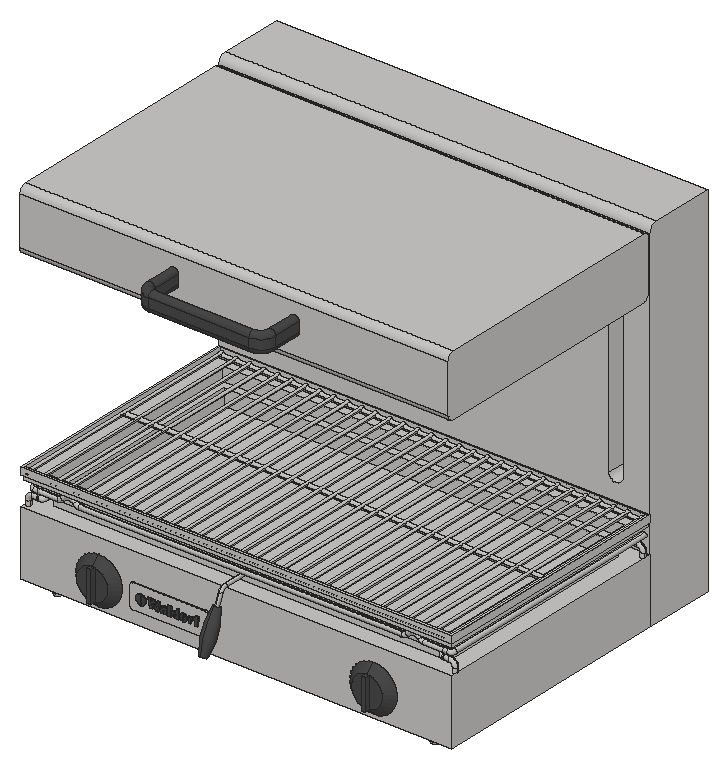
Revit family "QF_MOFFAT WALDORF_SN8100E", category Specialty Equipment, Revit 2012
Parameters
  Width = 600 mm
  Weight in Pounds = 53
  Watts = 3600 W
  Volts = 240 V
  URL Cutsheet = "www.moffat.com"
  URL = "www.moffat.com"
  Type Mark [instance] = ""
  Status [instance] = ""
  Specification by User [instance] = ""
  Specification by Manufacturer = ""
  Show Logo [instance] = yes
  Show Clearance [instance] = yes
  Serial Number = ""
  Seismic Rating = ""
  SMACNA No = ""
  Revision Code [instance] = ""
  Phase = 1
  Omniclass Number and Title = ""
  Number of Poles = 1
  NAFEM Spec ID Number = ""
  Model = "SN8100E"
  Min Ckt Ampacity = 0 A
  Max Overcurrent Protection = 0 A
  Masterspec = ""
  Manufacturer = "MOFFAT WALDORF"
  Item Number [instance] = ""
  Installed By [instance] = ""
  Identify Quantity as Lot [instance] = yes
  Height = 514 mm
  HP = ""
  Furnished By [instance] = ""
  Foodservice Equipment Identifier [instance] = yes
  FL Amps = 15 A
  Electrical Remarks = ""
  Electric Connection Type = ""
  Elec Conn RI Height = 0 mm
  Elec Conn Connection Height = 0 mm
  Description = "ELECTRIC SALAMANDER"
  Depth = 510 mm
  Cycle = 50 Hz
  Conn Plug = ""
  Conn Conduit = yes
  CSI MasterFormat = ""
  CSI Master Format = ""
  Body Finish = QF_Finishes_Stainless Steel
  Apparent Power = 0 VA
Reference planes
  plane 1 "BACK": y = 0
  plane 2: z = 0
  plane 3 "LEFT": x = 0
  plane 4 "RIGHT": x = 600
  plane 5 "FRONT": y = -510
  plane 6 "TOP": z = 514
  plane 7 "Center Y": x = 300
  plane 8 "Center X": y = -255
  plane 9: z = 424
  plane 10: z = 12.7
  plane 11: x = 390.463
  plane 12: x = 209.537
  plane 13: x = 37.476
  plane 14: y = -426.962
Forms (mm)
  Extrusion 1, solid, material "QF_Finishes_Stainless Steel"
    sketch origin (0, 0, 0) x (0, 1, 0) y (0, 0, 1)
      loop
        line (0, 514) -> (-88.234, 514)
        arc (-88.234, 514) -> (-96.527, 510.565) -> (-99.962, 502.272) r 11.728
        line (-99.962, 502.272) -> (-99.962, 12.7) -> (0, 12.7) -> (0, 514)
    from 0 to 600
  Extrusion 2, solid, material "QF_Finishes_Stainless Steel"
    sketch origin (0, 0, 0) x (0, 1, 0) y (0, 0, 1)
      loop
        line (-99.962, 12.7) -> (-99.962, 102.7) -> (-444.962, 102.7) -> (-444.962, 12.7) -> (-99.962, 12.7)
    from 0 to 600
  Extrusion 3, void
    sketch origin (0, -99.962, 502.272) x (0, 0, 1) y (1, 0, 0)
      loop
        line (-21.583, 57.235) -> (-316.876, 57.235)
        arc (-316.876, 57.235) -> (-326.876, 47.235) -> (-316.876, 37.235) r 10
        line (-316.876, 37.235) -> (-21.583, 37.235)
        arc (-21.583, 37.235) -> (-11.583, 47.235) -> (-21.583, 57.235) r 10
      loop
        arc (-21.583, 542.765) -> (-11.583, 552.765) -> (-21.583, 562.765) r 10
        line (-21.583, 562.765) -> (-316.876, 562.765)
        arc (-316.876, 562.765) -> (-326.876, 552.765) -> (-316.876, 542.765) r 10
        line (-316.876, 542.765) -> (-21.583, 542.765)
    from 0 to 50
  Extrusion 4, solid, material "QF_Finishes_Stainless Steel"
    sketch origin (600, 0, 0) x (0, 1, 0) y (0, 0, 1)
      loop
        line (-107.462, 505.178) -> (-438.806, 505.178)
        arc (-438.806, 505.178) -> (-445.877, 502.249) -> (-448.806, 495.178) r 10
        line (-448.806, 495.178) -> (-448.806, 427.852)
        arc (-448.806, 427.852) -> (-446.558, 422.426) -> (-441.132, 420.178) r 7.674
        line (-441.132, 420.178) -> (-109.153, 420.178)
        arc (-109.153, 420.178) -> (-104.422, 422.138) -> (-102.462, 426.869) r 6.691
        line (-102.462, 426.869) -> (-102.462, 500.178)
        arc (-102.462, 500.178) -> (-103.927, 503.714) -> (-107.462, 505.178) r 5
    from -2 to -598
  Sweep 5, solid, material "QF_Finishes_Black"
    path origin (600, -443.806, 414.366) x (1, 0, 0) y (0, 1, 0)
      loop
        line (-390.463, -4.983) -> (-390.463, -45.794)
        arc (-390.463, -45.794) -> (-384.488, -60.219) -> (-370.063, -66.194) r 20.4
        line (-370.063, -66.194) -> (-229.932, -66.194)
        arc (-229.932, -66.194) -> (-215.51, -60.221) -> (-209.537, -45.799) r 20.395
        line (-209.537, -45.799) -> (-209.537, -4.983)
    profile origin (209.537, -469.194, 414.366) x (1, 0, 0) y (0, 0, 1)
      loop
        arc (0, 44.74) -> (6.406, 38.334) -> (12.812, 44.74) r 6.406
        line (12.812, 44.74) -> (12.812, 58.081)
        arc (12.812, 58.081) -> (6.406, 64.487) -> (0, 58.081) r 6.406
        line (0, 58.081) -> (0, 44.74)
  Extrusion 6, solid, material "QF_Finishes_Stainless Steel"
    sketch origin (0, -444.962, 102.7) x (0, 1, 0) y (-1, 0, 0)
      loop
        line (345, 0) -> (0, 0) -> (0, -600) -> (345, -600) -> (345, 0)
      loop
        line (3, -3) -> (3, -597) -> (342, -597) -> (342, -3) -> (3, -3)
    from 50 to 40
  Extrusion 7, solid, material "QF_Finishes_Stainless Steel"
    sketch origin (0, -102.962, 102.7) x (1, 0, 0) y (0, 0, 1)
      loop
        circle (592.087, 44.923) r 2
    from 0 to 339
  Extrusion 8, solid, material "QF_Finishes_Stainless Steel"
    sketch origin (-585, -102.962, 102.7) x (1, 0, 0) y (0, 0, 1)
      loop
        circle (592.087, 44.923) r 2
    from 0 to 339
  Extrusion 9, solid, material "QF_Finishes_Stainless Steel"
    sketch origin (-19.5, -102.962, 102.7) x (1, 0, 0) y (0, 0, 1)
      loop
        circle (592.087, 44.923) r 2
    from 0 to 339
  Extrusion 10, solid, material "QF_Finishes_Stainless Steel"
    sketch origin (-39, -102.962, 102.7) x (1, 0, 0) y (0, 0, 1)
      loop
        circle (592.087, 44.923) r 2
    from 0 to 339
  Extrusion 11, solid, material "QF_Finishes_Stainless Steel"
    sketch origin (-58.5, -102.962, 102.7) x (1, 0, 0) y (0, 0, 1)
      loop
        circle (592.087, 44.923) r 2
    from 0 to 339
  Extrusion 12, solid, material "QF_Finishes_Stainless Steel"
    sketch origin (-78, -102.962, 102.7) x (1, 0, 0) y (0, 0, 1)
      loop
        circle (592.087, 44.923) r 2
    from 0 to 339
  Extrusion 13, solid, material "QF_Finishes_Stainless Steel"
    sketch origin (-97.5, -102.962, 102.7) x (1, 0, 0) y (0, 0, 1)
      loop
        circle (592.087, 44.923) r 2
    from 0 to 339
  Extrusion 14, solid, material "QF_Finishes_Stainless Steel"
    sketch origin (-117, -102.962, 102.7) x (1, 0, 0) y (0, 0, 1)
      loop
        circle (592.087, 44.923) r 2
    from 0 to 339
  Extrusion 15, solid, material "QF_Finishes_Stainless Steel"
    sketch origin (-136.5, -102.962, 102.7) x (1, 0, 0) y (0, 0, 1)
      loop
        circle (592.087, 44.923) r 2
    from 0 to 339
  Extrusion 16, solid, material "QF_Finishes_Stainless Steel"
    sketch origin (-156, -102.962, 102.7) x (1, 0, 0) y (0, 0, 1)
      loop
        circle (592.087, 44.923) r 2
    from 0 to 339
  Extrusion 17, solid, material "QF_Finishes_Stainless Steel"
    sketch origin (-175.5, -102.962, 102.7) x (1, 0, 0) y (0, 0, 1)
      loop
        circle (592.087, 44.923) r 2
    from 0 to 339
  Extrusion 18, solid, material "QF_Finishes_Stainless Steel"
    sketch origin (-195, -102.962, 102.7) x (1, 0, 0) y (0, 0, 1)
      loop
        circle (592.087, 44.923) r 2
    from 0 to 339
  Extrusion 19, solid, material "QF_Finishes_Stainless Steel"
    sketch origin (-214.5, -102.962, 102.7) x (1, 0, 0) y (0, 0, 1)
      loop
        circle (592.087, 44.923) r 2
    from 0 to 339
  Extrusion 20, solid, material "QF_Finishes_Stainless Steel"
    sketch origin (-234, -102.962, 102.7) x (1, 0, 0) y (0, 0, 1)
      loop
        circle (592.087, 44.923) r 2
    from 0 to 339
  Extrusion 21, solid, material "QF_Finishes_Stainless Steel"
    sketch origin (-253.5, -102.962, 102.7) x (1, 0, 0) y (0, 0, 1)
      loop
        circle (592.087, 44.923) r 2
    from 0 to 339
  Extrusion 22, solid, material "QF_Finishes_Stainless Steel"
    sketch origin (-273, -102.962, 102.7) x (1, 0, 0) y (0, 0, 1)
      loop
        circle (592.087, 44.923) r 2
    from 0 to 339
  Extrusion 23, solid, material "QF_Finishes_Stainless Steel"
    sketch origin (-292.5, -102.962, 102.7) x (1, 0, 0) y (0, 0, 1)
      loop
        circle (592.087, 44.923) r 2
    from 0 to 339
  Extrusion 24, solid, material "QF_Finishes_Stainless Steel"
    sketch origin (-312, -102.962, 102.7) x (1, 0, 0) y (0, 0, 1)
      loop
        circle (592.087, 44.923) r 2
    from 0 to 339
  Extrusion 25, solid, material "QF_Finishes_Stainless Steel"
    sketch origin (-331.5, -102.962, 102.7) x (1, 0, 0) y (0, 0, 1)
      loop
        circle (592.087, 44.923) r 2
    from 0 to 339
  Extrusion 26, solid, material "QF_Finishes_Stainless Steel"
    sketch origin (-351, -102.962, 102.7) x (1, 0, 0) y (0, 0, 1)
      loop
        circle (592.087, 44.923) r 2
    from 0 to 339
  Extrusion 27, solid, material "QF_Finishes_Stainless Steel"
    sketch origin (-370.5, -102.962, 102.7) x (1, 0, 0) y (0, 0, 1)
      loop
        circle (592.087, 44.923) r 2
    from 0 to 339
  Extrusion 28, solid, material "QF_Finishes_Stainless Steel"
    sketch origin (-390, -102.962, 102.7) x (1, 0, 0) y (0, 0, 1)
      loop
        circle (592.087, 44.923) r 2
    from 0 to 339
  Extrusion 29, solid, material "QF_Finishes_Stainless Steel"
    sketch origin (-409.5, -102.962, 102.7) x (1, 0, 0) y (0, 0, 1)
      loop
        circle (592.087, 44.923) r 2
    from 0 to 339
  Extrusion 30, solid, material "QF_Finishes_Stainless Steel"
    sketch origin (-429, -102.962, 102.7) x (1, 0, 0) y (0, 0, 1)
      loop
        circle (592.087, 44.923) r 2
    from 0 to 339
  Extrusion 31, solid, material "QF_Finishes_Stainless Steel"
    sketch origin (-448.5, -102.962, 102.7) x (1, 0, 0) y (0, 0, 1)
      loop
        circle (592.087, 44.923) r 2
    from 0 to 339
  Extrusion 32, solid, material "QF_Finishes_Stainless Steel"
    sketch origin (-468, -102.962, 102.7) x (1, 0, 0) y (0, 0, 1)
      loop
        circle (592.087, 44.923) r 2
    from 0 to 339
  Extrusion 33, solid, material "QF_Finishes_Stainless Steel"
    sketch origin (-487.5, -102.962, 102.7) x (1, 0, 0) y (0, 0, 1)
      loop
        circle (592.087, 44.923) r 2
    from 0 to 339
  Extrusion 34, solid, material "QF_Finishes_Stainless Steel"
    sketch origin (-507, -102.962, 102.7) x (1, 0, 0) y (0, 0, 1)
      loop
        circle (592.087, 44.923) r 2
    from 0 to 339
  Extrusion 35, solid, material "QF_Finishes_Stainless Steel"
    sketch origin (-526.5, -102.962, 102.7) x (1, 0, 0) y (0, 0, 1)
      loop
        circle (592.087, 44.923) r 2
    from 0 to 339
  Extrusion 36, solid, material "QF_Finishes_Stainless Steel"
    sketch origin (-546, -102.962, 102.7) x (1, 0, 0) y (0, 0, 1)
      loop
        circle (592.087, 44.923) r 2
    from 0 to 339
  Extrusion 37, solid, material "QF_Finishes_Stainless Steel"
    sketch origin (-565.5, -102.962, 102.7) x (1, 0, 0) y (0, 0, 1)
      loop
        circle (592.087, 44.923) r 2
    from 0 to 339
  Extrusion 38, solid, material "QF_Finishes_Stainless Steel"
    sketch origin (3, -102.281, 102.7) x (0, 1, 0) y (0, 0, 1)
      loop
        circle (-336.674, 42.923) r 3
      loop
        circle (-170.182, 42.923) r 3
      loop
        circle (-3.682, 42.923) r 3
    from 0 to 594
  Sweep 39, solid, material "QF_Finishes_Stainless Steel"
    path origin (0, -444.962, 142.7) x (0, 1, 0) y (-1, 0, 0)
      loop
        line (330, -15) -> (13.008, -15) -> (13.008, -587) -> (330, -587) -> (330, -15)
    profile origin (301, -114.962, 142.7) x (0, 1, 0) y (0, 0, 1)
      loop
        line (0, -5) -> (12, -5) -> (12, 0) -> (-5, 0) -> (-5, -18.089) -> (-16.511, -18.089) -> (-16.511, -40) -> (-11.511, -40) -> (-11.511, -23.089) -> (0, -23.089) -> (0, -5)
  Sweep 40, solid, material "QF_Finishes_Stainless Steel"
    path origin (587, -431.954, 137.7) x (-1, 0, 0) y (0, 0, -1)
      loop
        line (569, 13.089) -> (541.437, 13.089)
        arc (541.437, 13.089) -> (537.989, 12.275) -> (535.272, 10.003) r 7.7
        arc (535.272, 10.003) -> (526.866, 5.793) -> (518.459, 9.999) r 10.501
        arc (518.459, 9.999) -> (515.736, 12.274) -> (512.283, 13.089) r 7.716
        line (512.283, 13.089) -> (61.717, 13.089)
        arc (61.717, 13.089) -> (58.264, 12.274) -> (55.541, 9.999) r 7.716
        arc (55.541, 9.999) -> (47.134, 5.793) -> (38.728, 10.003) r 10.501
        arc (38.728, 10.003) -> (36.011, 12.275) -> (32.563, 13.089) r 7.7
        line (32.563, 13.089) -> (5, 13.089)
    profile origin (300, -431.954, 124.611) x (0, 0, 1) y (0, -1, 0)
      loop
        circle (0, 3.036) r 3.036
  Sweep 41, solid, material "QF_Finishes_Stainless Steel"
    path origin (15, -114.962, 119.611) x (0, -1, 0) y (1, 0, 0)
      loop
        line (320.028, 567) -> (320.028, 572.972)
        arc (320.028, 572.972) -> (318.848, 575.82) -> (316, 577) r 4.028
        line (316, 577) -> (-15, 577)
    profile origin (584.986, -434.991, 119.611) x (0, 1, 0) y (0, 0, 1)
      loop
        circle (0, 5) r 3.036
  Sweep 42, solid, material "QF_Finishes_Stainless Steel"
    path origin (585, -114.962, 119.611) x (0, 1, 0) y (-1, 0, 0)
      loop
        line (-320.028, 567) -> (-320.028, 572.972)
        arc (-320.028, 572.972) -> (-318.848, 575.82) -> (-316, 577) r 4.028
        line (-316, 577) -> (15, 577)
    profile origin (15.014, -434.991, 119.611) x (0, -1, 0) y (0, 0, 1)
      loop
        circle (0, 5) r 3.036
  Sweep 43, solid, material "QF_Finishes_Stainless Steel"
    path origin (569.239, -420.444, 119.611) x (-1, 0, 0) y (0, 0, -1)
      loop
        line (551.913, 3.413) -> (559.47, 3.413)
        arc (559.47, 3.413) -> (564.102, 5.332) -> (566.021, 9.964) r 6.551
        line (566.021, 9.964) -> (566.021, 16.911)
    profile origin (13.547, -420.444, 116.198) x (0, 0, -1) y (0, -1, 0)
      loop
        circle (0, 14.832) r 3.066
  Sweep 44, solid, material "QF_Finishes_Stainless Steel"
    path origin (-549.634, -114.962, 111.175) x (0, -1, 0) y (1, 0, 0)
      loop
        line (320.028, 567) -> (320.028, 568.909)
        arc (320.028, 568.909) -> (318.848, 571.758) -> (316, 572.938) r 4.028
        line (316, 572.938) -> (-2.148, 572.937)
        arc (-2.148, 572.937) -> (-4.996, 571.758) -> (-6.176, 568.909) r 4.028
        line (-6.176, 568.909) -> (-6.176, 567)
    profile origin (18.321, -434.991, 111.175) x (0, 1, 0) y (0, 0, 1)
      loop
        circle (-0.312, 5) r 3.036
  Sweep 45, solid, material "QF_Finishes_Stainless Steel"
    path origin (569.239, -93.599, 119.611) x (-1, 0, 0) y (0, 0, -1)
      loop
        line (551.913, 3.413) -> (559.47, 3.413)
        arc (559.47, 3.413) -> (564.102, 5.332) -> (566.021, 9.964) r 6.551
        line (566.021, 9.964) -> (566.021, 16.911)
    profile origin (13.547, -93.599, 116.198) x (0, 0, -1) y (0, -1, 0)
      loop
        circle (0, 14.832) r 3.066
  Sweep 46, solid, material "QF_Finishes_Stainless Steel"
    path origin (30.761, -420.444, 119.611) x (1, 0, 0) y (0, 0, 1)
      loop
        line (551.913, -3.413) -> (559.47, -3.413)
        arc (559.47, -3.413) -> (564.102, -5.332) -> (566.021, -9.964) r 6.551
        line (566.021, -9.964) -> (566.021, -16.911)
    profile origin (586.453, -420.444, 116.198) x (0, 0, 1) y (0, -1, 0)
      loop
        circle (0, 14.832) r 3.066
  Sweep 47, solid, material "QF_Finishes_Stainless Steel"
    path origin (1149.634, -114.962, 111.175) x (0, 1, 0) y (-1, 0, 0)
      loop
        line (-320.028, 567) -> (-320.028, 568.909)
        arc (-320.028, 568.909) -> (-318.848, 571.758) -> (-316, 572.937) r 4.028
        line (-316, 572.937) -> (2.148, 572.937)
        arc (2.148, 572.937) -> (4.996, 571.758) -> (6.176, 568.909) r 4.028
        line (6.176, 568.909) -> (6.176, 567)
    profile origin (581.679, -434.991, 111.175) x (0, -1, 0) y (0, 0, 1)
      loop
        circle (0.312, 5) r 3.036
  Sweep 48, solid, material "QF_Finishes_Stainless Steel"
    path origin (30.761, -93.599, 119.611) x (1, 0, 0) y (0, 0, 1)
      loop
        line (551.913, -3.413) -> (559.47, -3.413)
        arc (559.47, -3.413) -> (564.102, -5.332) -> (566.021, -9.964) r 6.551
        line (566.021, -9.964) -> (566.021, -16.911)
    profile origin (586.453, -93.599, 116.198) x (0, 0, 1) y (0, -1, 0)
      loop
        circle (0, 14.832) r 3.066
  Revolve 49, solid, material "QF_Finishes_Black"
    sketch origin (108.75, 0, 0) x (0, 1, 0) y (0, 0, -1)
      loop
        line (-444.962, -49.575) -> (-444.962, -16.945) -> (-455.9, -27.883) -> (-455.9, -49.575) -> (-444.962, -49.575)
      axis (-455.9, -49.575) -> (-444.962, -49.575)
    angle from 0 to 360
  Extrusion 50, solid, material "QF_Finishes_Black"
    sketch origin (108.75, -455.9, 49.575) x (0, 0, -1) y (1, 0, 0)
      loop
        line (-21.547, -2.506) -> (21.547, -2.506)
        arc (21.547, -2.506) -> (21.691, 0.225) -> (21.49, 2.953) r 21.692
        line (21.49, 2.953) -> (-21.49, 2.953)
        arc (-21.49, 2.953) -> (-21.691, 0.225) -> (-21.547, -2.506) r 21.692
      loop
        arc (-21.547, 385.006) -> (-21.691, 382.275) -> (-21.49, 379.547) r 21.692
        line (-21.49, 379.547) -> (21.49, 379.547)
        arc (21.49, 379.547) -> (21.691, 382.275) -> (21.547, 385.006) r 21.692
        line (21.547, 385.006) -> (-21.547, 385.006)
    from 0 to 6
  Sweep 51, solid, material "QF_Finishes_Stainless Steel"
    path origin (0, -11.577, -2.281) x (0, 1, 0) y (0, 0, 1)
      loop
        line (-395, 119.611) -> (-452.663, 119.611)
        arc (-452.663, 119.611) -> (-456.519, 118.468) -> (-459.131, 115.41) r 7.08
        line (-459.131, 115.41) -> (-476.355, 76.725)
    profile origin (0, -435.408, 117.33) x (0, 0, -1) y (1, 0, 0)
      loop
        circle (-1.613, 300) r 2.281
  Revolve 52, solid, material "QF_Finishes_Stainless Steel"
    sketch origin (300, -11.577, 0) x (0, 1, 0) y (0, 0, 1)
      loop
        line (-490.635, 46.336) -> (-467.256, 98.845) -> (-471.824, 100.879)
        arc (-471.824, 100.879) -> (-487.428, 76.367) -> (-495.202, 48.37) r 98.506
        line (-495.202, 48.37) -> (-490.635, 46.336)
      axis (-467.256, 98.845) -> (-490.635, 46.336)
    angle from 0 to 360
  Revolve 53, solid, material "QF_Finishes_Black"
    sketch origin (490.974, 0, 0) x (0, 1, 0) y (0, 0, 1)
      loop
        line (-444.962, 49.575) -> (-455.9, 49.575) -> (-455.9, 27.883) -> (-444.962, 16.945) -> (-444.962, 49.575)
      axis (-455.9, 49.575) -> (-444.962, 49.575)
    angle from 0 to 360
  Revolve 54, solid, material "QF_Finishes_Stainless Steel"
    sketch origin (37.476, 0, 0) x (0, 1, 0) y (0, 0, 1)
      loop
        line (-426.962, 12.7) -> (-426.962, 0) -> (-421.962, 0) -> (-417.087, 12.7) -> (-426.962, 12.7)
      axis (-426.962, 12.7) -> (-426.962, 0)
    angle from 0 to 360
  Revolve 55, solid, material "QF_Finishes_Stainless Steel"
    sketch origin (37.476, 310, 0) x (0, 1, 0) y (0, 0, 1)
      loop
        line (-426.962, 12.7) -> (-426.962, 0) -> (-421.962, 0) -> (-417.087, 12.7) -> (-426.962, 12.7)
      axis (-426.962, 12.7) -> (-426.962, 0)
    angle from 0 to 360
  Revolve 56, solid, material "QF_Finishes_Stainless Steel"
    sketch origin (562.524, 0, 0) x (0, 1, 0) y (0, 0, -1)
      loop
        line (-426.962, -12.7) -> (-417.087, -12.7) -> (-421.962, 0) -> (-426.962, 0) -> (-426.962, -12.7)
      axis (-426.962, -12.7) -> (-426.962, 0)
    angle from 0 to 360
  Revolve 57, solid, material "QF_Finishes_Stainless Steel"
    sketch origin (562.524, 310, 0) x (0, 1, 0) y (0, 0, -1)
      loop
        line (-426.962, -12.7) -> (-417.087, -12.7) -> (-421.962, 0) -> (-426.962, 0) -> (-426.962, -12.7)
      axis (-426.962, -12.7) -> (-426.962, 0)
    angle from 0 to 360
  Extrusion 58, solid, material "QF_Finishes_Stainless Steel"
    sketch origin (0, -99.962, 12.7) x (1, 0, 0) y (0, -1, 0)
      loop
        circle (300, -89.962) r 10
    from 0 to 3
Cuts and joins
  Extrusion 3 cuts Extrusion 1
  joined: Extrusion 8, Extrusion 9, Extrusion 10, Extrusion 11, Extrusion 12, Extrusion 13, Extrusion 14, Extrusion 15, Extrusion 16, Extrusion 17, Extrusion 18, Extrusion 19, Extrusion 20, Extrusion 21, Extrusion 22, Extrusion 23, Extrusion 24, Extrusion 25, Extrusion 26, Extrusion 27, Extrusion 28, Extrusion 29, Extrusion 30, Extrusion 31, Extrusion 32, Extrusion 33, Extrusion 34, Extrusion 35, Extrusion 36, Extrusion 37, Extrusion 38
  joined: Sweep 40, Sweep 41, Sweep 42
Lines and regions (mm)
  Split face 1
    outline origin (598, 22.869, 0) x (0, 1, 0) y (0, 0, 1)
      loop
        line (-407.285, 462) -> (-407.285, 482) -> (-420.285, 482) -> (-420.285, 462) -> (-407.285, 462)
  Split face 2
    outline origin (2, 0, 0) x (0, 1, 0) y (0, 0, 1)
      loop
        line (-115.797, 462) -> (-102.797, 462) -> (-102.797, 482) -> (-115.797, 482) -> (-115.797, 462)
  Split face 3
    outline origin (2, 0, 0) x (0, 1, 0) y (0, 0, 1)
      loop
        line (-125.525, 462) -> (-125.525, 482) -> (-138.525, 482) -> (-138.525, 462) -> (-125.525, 462)
  Split face 4
    outline origin (2, -22.727, 0) x (0, 1, 0) y (0, 0, 1)
      loop
        line (-125.525, 462) -> (-125.525, 482) -> (-138.525, 482) -> (-138.525, 462) -> (-125.525, 462)
  Split face 5
    outline origin (2, -45.455, 0) x (0, 1, 0) y (0, 0, 1)
      loop
        line (-125.525, 462) -> (-125.525, 482) -> (-138.525, 482) -> (-138.525, 462) -> (-125.525, 462)
  Split face 6
    outline origin (2, -68.182, 0) x (0, 1, 0) y (0, 0, 1)
      loop
        line (-125.525, 462) -> (-125.525, 482) -> (-138.525, 482) -> (-138.525, 462) -> (-125.525, 462)
  Split face 7
    outline origin (2, -90.909, 0) x (0, 1, 0) y (0, 0, 1)
      loop
        line (-125.525, 462) -> (-125.525, 482) -> (-138.525, 482) -> (-138.525, 462) -> (-125.525, 462)
  Split face 8
    outline origin (2, -113.636, 0) x (0, 1, 0) y (0, 0, 1)
      loop
        line (-125.525, 462) -> (-125.525, 482) -> (-138.525, 482) -> (-138.525, 462) -> (-125.525, 462)
  Split face 9
    outline origin (2, -136.364, 0) x (0, 1, 0) y (0, 0, 1)
      loop
        line (-134.275, 462) -> (-134.275, 482) -> (-147.275, 482) -> (-147.275, 462) -> (-134.275, 462)
  Split face 10
    outline origin (2, -159.091, 0) x (0, 1, 0) y (0, 0, 1)
      loop
        line (-134.275, 462) -> (-134.275, 482) -> (-147.275, 482) -> (-147.275, 462) -> (-134.275, 462)
  Split face 11
    outline origin (2, -181.818, 0) x (0, 1, 0) y (0, 0, 1)
      loop
        line (-134.275, 462) -> (-134.275, 482) -> (-147.275, 482) -> (-147.275, 462) -> (-134.275, 462)
  Split face 12
    outline origin (2, -204.545, 0) x (0, 1, 0) y (0, 0, 1)
      loop
        line (-134.275, 462) -> (-134.275, 482) -> (-147.275, 482) -> (-147.275, 462) -> (-134.275, 462)
  Split face 13
    outline origin (2, -227.273, 0) x (0, 1, 0) y (0, 0, 1)
      loop
        line (-134.275, 462) -> (-134.275, 482) -> (-147.275, 482) -> (-147.275, 462) -> (-134.275, 462)
  Split face 14
    outline origin (2, -250.142, 0) x (0, 1, 0) y (0, 0, 1)
      loop
        line (-134.275, 462) -> (-134.275, 482) -> (-147.275, 482) -> (-147.275, 462) -> (-134.275, 462)
  Split face 15
    outline origin (2, -273.01, 0) x (0, 1, 0) y (0, 0, 1)
      loop
        line (-134.275, 462) -> (-134.275, 482) -> (-147.275, 482) -> (-147.275, 462) -> (-134.275, 462)
  Split face 16
    outline origin (633.75, -444.962, 12.7) x (0, 0, 1) y (-1, 0, 0)
      loop
        circle (76.345, 526.002) r 3.252
  Split face 17
    outline origin (-34.026, -444.962, 12.7) x (0, 0, 1) y (-1, 0, 0)
      loop
        circle (76.345, -526.002) r 3.252
  Split face 18
    outline origin (598, 0, 0) x (0, 1, 0) y (0, 0, 1)
      loop
        line (-407.285, 462) -> (-407.285, 482) -> (-420.285, 482) -> (-420.285, 462) -> (-407.285, 462)
  Split face 19
    outline origin (598, 45.738, 0) x (0, 1, 0) y (0, 0, 1)
      loop
        line (-407.285, 462) -> (-407.285, 482) -> (-420.285, 482) -> (-420.285, 462) -> (-407.285, 462)
  Split face 20
    outline origin (598, 68.465, 0) x (0, 1, 0) y (0, 0, 1)
      loop
        line (-407.285, 462) -> (-407.285, 482) -> (-420.285, 482) -> (-420.285, 462) -> (-407.285, 462)
  Split face 21
    outline origin (598, 91.192, 0) x (0, 1, 0) y (0, 0, 1)
      loop
        line (-407.285, 462) -> (-407.285, 482) -> (-420.285, 482) -> (-420.285, 462) -> (-407.285, 462)
  Split face 22
    outline origin (598, 113.919, 0) x (0, 1, 0) y (0, 0, 1)
      loop
        line (-407.285, 462) -> (-407.285, 482) -> (-420.285, 482) -> (-420.285, 462) -> (-407.285, 462)
  Split face 23
    outline origin (598, 136.647, 0) x (0, 1, 0) y (0, 0, 1)
      loop
        line (-407.285, 462) -> (-407.285, 482) -> (-420.285, 482) -> (-420.285, 462) -> (-407.285, 462)
  Split face 24
    outline origin (598, 168.124, 0) x (0, 1, 0) y (0, 0, 1)
      loop
        line (-407.285, 462) -> (-407.285, 482) -> (-420.285, 482) -> (-420.285, 462) -> (-407.285, 462)
  Split face 25
    outline origin (598, 190.851, 0) x (0, 1, 0) y (0, 0, 1)
      loop
        line (-407.285, 462) -> (-407.285, 482) -> (-420.285, 482) -> (-420.285, 462) -> (-407.285, 462)
  Split face 26
    outline origin (598, 213.578, 0) x (0, 1, 0) y (0, 0, 1)
      loop
        line (-407.285, 462) -> (-407.285, 482) -> (-420.285, 482) -> (-420.285, 462) -> (-407.285, 462)
  Split face 27
    outline origin (598, 236.306, 0) x (0, 1, 0) y (0, 0, 1)
      loop
        line (-407.285, 462) -> (-407.285, 482) -> (-420.285, 482) -> (-420.285, 462) -> (-407.285, 462)
  Split face 28
    outline origin (598, 259.033, 0) x (0, 1, 0) y (0, 0, 1)
      loop
        line (-407.285, 462) -> (-407.285, 482) -> (-420.285, 482) -> (-420.285, 462) -> (-407.285, 462)
  Split face 29
    outline origin (598, 281.76, 0) x (0, 1, 0) y (0, 0, 1)
      loop
        line (-407.285, 462) -> (-407.285, 482) -> (-420.285, 482) -> (-420.285, 462) -> (-407.285, 462)
  Split face 30
    outline origin (598, 304.488, 0) x (0, 1, 0) y (0, 0, 1)
      loop
        line (-407.285, 462) -> (-407.285, 482) -> (-420.285, 482) -> (-420.285, 462) -> (-407.285, 462)
  symbolic lines
    curve 1: line (600, 0, 0) -> (0, 0, 0)
    curve 2: line (0, -448.806, 0) -> (600, -448.806, 0)
    curve 3: line (0, -448.806, 0) -> (0, 0, 0)
    curve 4: line (600, 0, 0) -> (600, -448.806, 0)
    curve 5: line (0, -99.962, 0) -> (600, -99.962, 0)
    curve 6: line (0, -102.494, 0) -> (600, -102.494, 0)
    curve 7: line (86.416, -455.9, 0) -> (129.8, -455.9, 0)
    curve 8: line (129.8, -455.9, 0) -> (136.894, -448.806, 0)
    curve 9: line (111.061, -461.9, 0) -> (105.602, -461.9, 0)
    curve 10: line (105.602, -461.9, 0) -> (105.602, -455.9, 0)
    curve 11: line (111.061, -461.9, 0) -> (111.061, -455.9, 0)
    curve 12: line (86.416, -455.9, 0) -> (79.322, -448.806, 0)
    curve 13: line (488.297, -461.9, 0) -> (493.756, -461.9, 0)
    curve 14: line (493.756, -461.9, 0) -> (493.756, -455.9, 0)
    curve 15: line (469.245, -455.9, 0) -> (512.63, -455.9, 0)
    curve 16: line (512.63, -455.9, 0) -> (519.724, -448.806, 0)
    curve 17: line (488.297, -461.9, 0) -> (488.297, -455.9, 0)
    curve 18: line (469.245, -455.9, 0) -> (462.151, -448.806, 0)
    curve 19: line (390.463, -448.806, 0) -> (390.463, -491.001, 0)
    curve 20: arc (390.463, -491.001, 0) -> (384.898, -504.435, 0) -> (371.464, -510, 0) r 18.999
    curve 21: line (371.464, -510, 0) -> (230.97, -510, 0)
    curve 22: arc (230.97, -510, 0) -> (217.572, -505.532, 0) -> (209.537, -493.917, 0) r 22.323
    curve 23: line (209.537, -448.806, 0) -> (209.537, -493.917, 0)
    curve 24: line (222.537, -448.806, 0) -> (222.537, -491.652, 0)
    curve 25: arc (230.97, -497, 0) -> (225.977, -495.55, 0) -> (222.537, -491.652, 0) r 9.323
    curve 26: line (371.464, -497, 0) -> (230.97, -497, 0)
    curve 27: arc (377.463, -491.001, 0) -> (375.706, -495.243, 0) -> (371.464, -497, 0) r 5.999
    curve 28: line (377.463, -448.806, 0) -> (377.463, -491.001, 0)
    curve 29: line (302.247, -448.806, 0) -> (302.247, -478.806, 0)
    curve 30: line (297.715, -448.806, 0) -> (297.715, -479.162, 0)
    curve 31: arc (300, -483.4, 0) -> (295.171, -480.124, 0) -> (297.715, -474.872, 0) r 4.462
    curve 32: arc (300, -483.4, 0) -> (304.834, -480.103, 0) -> (302.247, -474.855, 0) r 4.462
    curve 33: arc (308.38, -497, 0) -> (308.768, -486.118, 0) -> (304.085, -476.288, 0) r 22.894
    curve 34: arc (291.62, -497, 0) -> (291.232, -486.118, 0) -> (295.915, -476.288, 0) r 22.894
Dimensions and locks
  equal spacing: plane 3 "LEFT", plane 7 "Center Y", plane 4 "RIGHT"
  "Width": plane 3 "LEFT" to plane 4 "RIGHT"
  equal spacing: plane 5 "FRONT", plane 8 "Center X", plane 1 "BACK"
  "Depth": plane 5 "FRONT" to plane 1 "BACK"
  "Height": plane 6 "TOP" to level
  plane 5 "FRONT" to plane 1 "BACK" = 510 mm
  equal spacing: group 2, group 31, group 30, group 29, group 28, group 27, group 26, group 25, group 24, group 23, group 22, group 21, group 20, group 19, group 18, group 17, group 16, group 15, group 14, group 13, group 12, group 11, group 10, group 9, group 8, group 7, group 6, group 5, group 4, group 3, group 1
  equal spacing: group 1, group 3, group 4, group 5, group 6, group 7, group 8, group 9, group 10, group 11, group 12, group 13, group 14, group 15, group 16, group 17, group 18, group 19, group 20, group 21, group 22, group 23, group 24, group 25, group 26, group 27, group 28, group 29, group 30, group 31, group 2  (x2)
  aligned and locked: level to plane 2
  aligned and locked: Extrusion 1 to plane 4 "RIGHT"
  aligned and locked: Extrusion 2 to Extrusion 1
  aligned and locked: Extrusion 38 to Extrusion 6
Automatic sketch dimensions
  curve 20 to curve 27 = 0 mm  (x2)
  curve 22 to curve 25 = 0 mm  (x2)
  curve 5 to plane 3 "LEFT" = 0 mm
  plane 5 "FRONT" to curve 21 = 0 mm
  curve 31 to plane 7 "Center Y" = 0 mm
  curve 5 to plane 4 "RIGHT" = 0 mm
  plane 1 "BACK" to curve 4 = 0 mm
  curve 12 to plane 13 = 41.846 mm
  curve 12 to curve 7 = 7.094 mm
  curve 7 to curve 9 = 19.186 mm
  curve 9 to curve 9 = 5.459 mm
  plane 14 to curve 8 = 28.937 mm
  curve 11 to curve 8 = 18.74 mm
  plane 14 to curve 8 = 21.844 mm
  curve 7 to curve 8 = 7.094 mm
  curve 22 to plane 5 "FRONT" = 16.083 mm
  curve 8 to curve 22 = 72.643 mm
  curve 22 to curve 24 = 13 mm
  curve 24 to curve 21 = 8.433 mm
  curve 33 to plane 7 "Center Y" = 13.649 mm
  curve 33 to curve 34 = 5.269 mm  (x2)
  curve 34 to plane 7 "Center Y" = 4.085 mm
  curve 30 to plane 7 "Center Y" = 2.285 mm
  curve 31 to plane 7 "Center Y" = 0.519 mm
  plane 7 "Center Y" to curve 32 = 0.519 mm
  plane 7 "Center Y" to curve 32 = 2.247 mm
  curve 32 to curve 33 = 1.839 mm
  plane 7 "Center Y" to curve 33 = 8.38 mm
  curve 34 to curve 26 = 57.814 mm
  curve 20 to curve 27 = 5.999 mm
  curve 28 to curve 19 = 13 mm
  curve 19 to curve 18 = 71.688 mm
  curve 18 to curve 15 = 7.094 mm
  curve 15 to curve 13 = 19.052 mm
  curve 13 to curve 14 = 5.459 mm
  plane 14 to curve 16 = 28.937 mm
  curve 14 to curve 16 = 18.874 mm
  curve 15 to curve 16 = 7.094 mm
  curve 33 to curve 34 = 6.234 mm
  curve 34 to curve 33 = 6.234 mm
  curve 31 to curve 33 = 7.113 mm
  curve 30 to curve 31 = 0.193 mm
  curve 32 to curve 29 = 0.163 mm
  curve 17 to curve 17 = 6 mm
  curve 9 to curve 11 = 6 mm
  curve 6 to curve 1 = 102.494 mm
  curve 6 to curve 5 = 2.531 mm
  Extrusion 1 sketch curve to plane 10 = 0 mm
  Extrusion 1 sketch curve to plane 6 "TOP" = 0 mm
  Extrusion 1 sketch curve to plane 1 "BACK" = 0 mm
  plane 1 "BACK" to Extrusion 1 sketch curve = 88.234 mm
  Extrusion 1 sketch curve to Extrusion 1 sketch curve = 11.728 mm
  Extrusion 2 sketch curve to plane 10 = 0 mm
  plane 14 to Extrusion 2 sketch curve = 18 mm
  plane 1 "BACK" to Extrusion 2 sketch curve = 99.962 mm
  Extrusion 2 sketch curve to Extrusion 2 sketch curve = 90 mm
  Extrusion 3 sketch curve to Extrusion 1 = 37.235 mm
  Extrusion 1 to Extrusion 3 sketch curve = 172.696 mm  (x2)
  Extrusion 3 sketch curve to Extrusion 1 = 57.235 mm
  Extrusion 3 sketch curve to Extrusion 1 = 21.583 mm  (x2)
  Extrusion 3 sketch curve to Extrusion 3 sketch curve = 10 mm
  Extrusion 3 sketch curve to Extrusion 3 sketch curve = 20 mm
  Extrusion 4 sketch curve to Extrusion 1 = 86.148 mm
  Extrusion 1 to Extrusion 4 sketch curve = 348.844 mm
  Extrusion 4 sketch curve to Extrusion 4 sketch curve = 7.674 mm
  Extrusion 4 sketch curve to Extrusion 4 sketch curve = 10 mm
  Extrusion 1 to Extrusion 4 sketch curve = 9.191 mm
  Extrusion 1 to Extrusion 4 sketch curve = 7.5 mm
  Extrusion 1 to Extrusion 4 sketch curve = 2.5 mm
  Extrusion 4 sketch curve to Extrusion 1 = 18.822 mm
  Sweep 5 sketch curve to plane 12 = 0 mm
  plane 5 "FRONT" to Sweep 5 sketch curve = 0 mm
  Sweep 5 sketch curve to plane 11 = 0 mm
  plane 12 to Sweep 5 sketch curve = 20.4 mm
  Sweep 5 sketch curve to Sweep 5 sketch curve = 20.395 mm
  plane 14 to Sweep 5 sketch curve = 21.827 mm  (x2)
  profile plane to Sweep 5 sketch curve = 0 mm
  Sweep 5 sketch curve to Sweep 5 sketch curve = 6.406 mm
  profile plane to Sweep 5 sketch curve = 44.74 mm
  Sweep 5 sketch curve to Sweep 5 sketch curve = 13.341 mm
  Extrusion 6 sketch curve to Extrusion 2 = 0 mm  (x4)
  Extrusion 6 sketch curve to Extrusion 2 = 3 mm
  Extrusion 2 to Extrusion 6 sketch curve = 3 mm  (x3)
  Extrusion 6 to Extrusion 38 sketch curve = 3.008 mm
  Extrusion 6 to Extrusion 38 sketch curve = 2.923 mm  (x3)
  Extrusion 38 sketch curve to Extrusion 38 sketch curve = 166.492 mm
  Extrusion 6 to Extrusion 38 sketch curve = 3 mm
  Sweep 39 sketch curve to Extrusion 6 = 10.008 mm
  Sweep 39 sketch curve to Extrusion 6 = 12 mm  (x2)
  Sweep 39 sketch curve to Extrusion 6 = 10 mm
  Sweep 39 sketch curve to profile plane = 0 mm  (x2)
  profile plane to Sweep 39 sketch curve = 5 mm
  Sweep 39 sketch curve to Sweep 39 sketch curve = 6.511 mm
  Sweep 39 sketch curve to Sweep 39 sketch curve = 5 mm  (x2)
  Sweep 39 sketch curve to profile plane = 5 mm
  Sweep 39 sketch curve to profile plane = 12 mm
  Sweep 39 sketch curve to Sweep 39 sketch curve = 13.089 mm
  Sweep 39 sketch curve to Sweep 39 sketch curve = 16.911 mm
  Sweep 39 to Sweep 40 sketch curve = 5 mm
  Sweep 40 sketch curve to Sweep 39 = 5 mm  (x2)
  Sweep 40 sketch curve to Sweep 40 sketch curve = 27.563 mm
  Sweep 40 sketch curve to Sweep 40 sketch curve = 6.165 mm
  Sweep 40 sketch curve to Sweep 40 sketch curve = 0 mm  (x4)
  Sweep 40 sketch curve to Sweep 39 = 1.796 mm  (x2)
  Sweep 40 sketch curve to Sweep 40 sketch curve = 8.408 mm
  Sweep 40 sketch curve to Sweep 40 sketch curve = 8.405 mm  (x2)
  Sweep 40 sketch curve to Sweep 39 = 59.717 mm
  Sweep 40 sketch curve to Sweep 40 sketch curve = 6.176 mm
  Sweep 40 sketch curve to Sweep 39 = 10.003 mm
  Sweep 40 sketch curve to Sweep 39 = 5.389 mm
  Sweep 40 sketch curve to Sweep 39 = 3 mm
  profile plane to Sweep 40 sketch curve = 0 mm
  profile plane to Sweep 40 sketch curve = 3.036 mm
  Sweep 39 to Sweep 41 sketch curve = 5 mm
  Sweep 41 sketch curve to Sweep 39 = 15 mm
  Sweep 41 sketch curve to Sweep 39 = 0.992 mm
  Sweep 39 to Sweep 41 sketch curve = 0.972 mm
  Sweep 41 sketch curve to Sweep 39 = 5 mm
  Sweep 41 sketch curve to Sweep 41 sketch curve = 0 mm  (x2)
  Sweep 41 sketch curve to profile plane = 0 mm
  profile plane to Sweep 41 sketch curve = 1.964 mm
  Sweep 41 sketch curve to Sweep 41 sketch curve = 3.036 mm
  Sweep 39 to Sweep 42 sketch curve = 3.036 mm
  Sweep 42 sketch curve to Sweep 39 = 0.992 mm
  Sweep 39 to Sweep 42 sketch curve = 7 mm
  Sweep 42 sketch curve to Sweep 39 = 15 mm
  Sweep 42 sketch curve to Sweep 39 = 3 mm
  Sweep 42 sketch curve to Sweep 42 sketch curve = 0 mm  (x2)
  Sweep 42 sketch curve to profile plane = 0 mm
  profile plane to Sweep 42 sketch curve = 1.964 mm
  Sweep 42 sketch curve to Sweep 42 sketch curve = 3.036 mm
  Sweep 43 sketch curve to Sweep 39 = 0 mm
  Sweep 43 sketch curve to Sweep 39 = 3.413 mm
  Sweep 39 to Sweep 43 sketch curve = 9.185 mm
  Sweep 43 sketch curve to Sweep 43 sketch curve = 7.557 mm
  Sweep 43 sketch curve to Sweep 43 sketch curve = 6.551 mm
  Sweep 43 sketch curve to profile plane = 0 mm
  profile plane to Sweep 43 sketch curve = 14.832 mm
  plane 13 to Sweep 44 sketch curve = 18.201 mm
  plane 1 "BACK" to Sweep 44 sketch curve = 108.786 mm
  Sweep 44 sketch curve to Sweep 44 sketch curve = 4.028 mm  (x2)
  plane 14 to Sweep 44 sketch curve = 4 mm
  Sweep 44 sketch curve to Sweep 44 sketch curve = 1.909 mm  (x2)
  Sweep 44 sketch curve to Sweep 44 sketch curve = 0 mm  (x2)
  profile plane to Sweep 44 sketch curve = 0.312 mm
  profile plane to Sweep 44 sketch curve = 1.964 mm
  Sweep 44 sketch curve to Sweep 44 sketch curve = 3.036 mm
  plane 3 "LEFT" to Sweep 45 sketch curve = 17.326 mm
  Sweep 45 sketch curve to Sweep 45 sketch curve = 7.557 mm
  plane 3 "LEFT" to Sweep 45 sketch curve = 3.218 mm
  plane 10 to Sweep 45 sketch curve = 103.498 mm
  Sweep 45 sketch curve to Sweep 45 sketch curve = 6.947 mm
  Sweep 45 sketch curve to profile plane = 0 mm
  profile plane to Sweep 45 sketch curve = 14.832 mm
  Sweep 46 sketch curve to Sweep 39 = 0 mm
  Sweep 46 sketch curve to Sweep 39 = 3.413 mm
  Sweep 46 sketch curve to Sweep 39 = 7.185 mm
  Sweep 46 sketch curve to Sweep 46 sketch curve = 7.557 mm
  Sweep 46 sketch curve to Sweep 46 sketch curve = 6.551 mm
  profile plane to Sweep 46 sketch curve = 0 mm
  profile plane to Sweep 46 sketch curve = 14.832 mm
  plane 14 to Sweep 47 sketch curve = 8.028 mm
  plane 14 to Sweep 47 sketch curve = 4 mm
  plane 4 "RIGHT" to Sweep 47 sketch curve = 23.304 mm
  plane 1 "BACK" to Sweep 47 sketch curve = 112.814 mm
  Sweep 47 sketch curve to Sweep 47 sketch curve = 4.028 mm
  Sweep 47 sketch curve to Sweep 47 sketch curve = 1.909 mm  (x2)
  Sweep 47 sketch curve to Sweep 47 sketch curve = 0 mm  (x2)
  Sweep 47 sketch curve to profile plane = 0.313 mm
  profile plane to Sweep 47 sketch curve = 1.964 mm
  Sweep 47 sketch curve to Sweep 47 sketch curve = 3.036 mm
  plane 4 "RIGHT" to Sweep 48 sketch curve = 17.326 mm
  Sweep 48 sketch curve to Sweep 48 sketch curve = 7.557 mm
  plane 4 "RIGHT" to Sweep 48 sketch curve = 3.218 mm
  plane 10 to Sweep 48 sketch curve = 90 mm
  Sweep 48 sketch curve to Sweep 48 sketch curve = 6.947 mm
  profile plane to Sweep 48 sketch curve = 0 mm
  profile plane to Sweep 48 sketch curve = 14.832 mm
  Split face 1 sketch curve to Extrusion 4 = 51.39 mm
  Split face 1 sketch curve to Split face 1 sketch curve = 13 mm
  Split face 1 sketch curve to Extrusion 4 = 41.822 mm
  Split face 1 sketch curve to Split face 1 sketch curve = 20 mm
  Split face 2 sketch curve to Extrusion 4 = 13.335 mm
  Split face 2 sketch curve to Extrusion 4 = 0.335 mm
  Split face 2 sketch curve to Extrusion 4 = 41.822 mm
  Split face 2 sketch curve to Split face 2 sketch curve = 20 mm
  Split face 3 sketch curve to Extrusion 4 = 36.062 mm
  Split face 3 sketch curve to Split face 3 sketch curve = 13 mm
  Split face 3 sketch curve to Extrusion 4 = 41.822 mm
  Split face 3 sketch curve to Split face 3 sketch curve = 20 mm
  Split face 4 sketch curve to Extrusion 4 = 58.79 mm
  Split face 4 sketch curve to Split face 4 sketch curve = 13 mm
  Split face 4 sketch curve to Extrusion 4 = 41.822 mm
  Split face 4 sketch curve to Split face 4 sketch curve = 20 mm
  Split face 5 sketch curve to Extrusion 4 = 81.517 mm
  Split face 5 sketch curve to Split face 5 sketch curve = 13 mm
  Split face 5 sketch curve to Extrusion 4 = 41.822 mm
  Split face 5 sketch curve to Split face 5 sketch curve = 20 mm
  Split face 6 sketch curve to Extrusion 4 = 41.822 mm
  Split face 6 sketch curve to Extrusion 4 = 104.244 mm
  Split face 6 sketch curve to Split face 6 sketch curve = 13 mm
  Split face 6 sketch curve to Split face 6 sketch curve = 20 mm
  Split face 7 sketch curve to Extrusion 4 = 41.822 mm
  Split face 7 sketch curve to Extrusion 4 = 126.972 mm
  Split face 7 sketch curve to Split face 7 sketch curve = 13 mm
  Split face 7 sketch curve to Split face 7 sketch curve = 20 mm
  Split face 8 sketch curve to Extrusion 4 = 41.822 mm
  Split face 8 sketch curve to Extrusion 4 = 149.699 mm
  Split face 8 sketch curve to Split face 8 sketch curve = 13 mm
  Split face 8 sketch curve to Split face 8 sketch curve = 20 mm
  Split face 9 sketch curve to Extrusion 4 = 41.822 mm
  Split face 9 sketch curve to Extrusion 4 = 165.168 mm
  Split face 9 sketch curve to Split face 9 sketch curve = 13 mm
  Split face 9 sketch curve to Split face 9 sketch curve = 20 mm
  Split face 10 sketch curve to Extrusion 4 = 41.822 mm
  Split face 10 sketch curve to Extrusion 4 = 142.44 mm
  Split face 10 sketch curve to Split face 10 sketch curve = 13 mm
  Split face 10 sketch curve to Split face 10 sketch curve = 20 mm
  Split face 11 sketch curve to Extrusion 4 = 41.822 mm
  Split face 11 sketch curve to Extrusion 4 = 119.713 mm
  Split face 11 sketch curve to Split face 11 sketch curve = 13 mm
  Split face 11 sketch curve to Split face 11 sketch curve = 20 mm
  Split face 12 sketch curve to Extrusion 4 = 41.822 mm
  Split face 12 sketch curve to Extrusion 4 = 96.986 mm
  Split face 12 sketch curve to Split face 12 sketch curve = 13 mm
  Split face 12 sketch curve to Split face 12 sketch curve = 20 mm
  Split face 13 sketch curve to Extrusion 4 = 74.259 mm
  Split face 13 sketch curve to Split face 13 sketch curve = 13 mm
  Split face 13 sketch curve to Extrusion 4 = 41.822 mm
  Split face 13 sketch curve to Split face 13 sketch curve = 20 mm
  Split face 14 sketch curve to Extrusion 4 = 51.39 mm
  Split face 14 sketch curve to Split face 14 sketch curve = 13 mm
  Split face 14 sketch curve to Extrusion 4 = 41.822 mm
  Split face 14 sketch curve to Split face 14 sketch curve = 20 mm
  Split face 15 sketch curve to Extrusion 4 = 28.521 mm
  Split face 15 sketch curve to Split face 15 sketch curve = 13 mm
  Split face 15 sketch curve to Extrusion 4 = 41.822 mm
  Split face 15 sketch curve to Split face 15 sketch curve = 20 mm
  plane 14 to Revolve 49 sketch curve = 28.938 mm
  Revolve 49 sketch curve to Revolve 49 sketch curve = 10.937 mm
  Revolve 49 sketch curve to Revolve 49 sketch curve = 0 mm  (x2)
  Revolve 49 sketch curve to Revolve 49 sketch curve = 1.853 mm
  plane 10 to Revolve 49 sketch curve = 36.875 mm
  plane 10 to Revolve 49 sketch curve = 15.183 mm
  plane 10 to Revolve 49 sketch curve = 4.245 mm
  Extrusion 50 sketch curve to Extrusion 50 sketch curve = 0 mm  (x3)
  Extrusion 50 sketch curve to Extrusion 50 sketch curve = 21.49 mm  (x2)
  Extrusion 50 sketch curve to Revolve 49 = 2.953 mm
  Revolve 49 to Extrusion 50 sketch curve = 2.506 mm
  Extrusion 50 sketch curve to Extrusion 50 sketch curve = 0.057 mm
  Extrusion 50 sketch curve to Extrusion 50 sketch curve = 376.595 mm
  Extrusion 50 sketch curve to Extrusion 50 sketch curve = 2.953 mm
  Sweep 51 sketch curve to plane 5 "FRONT" = 22.068 mm
  Sweep 51 sketch curve to plane 5 "FRONT" = 39.292 mm
  Sweep 51 sketch curve to Sweep 51 sketch curve = 6.468 mm
  Sweep 51 sketch curve to plane 14 = 20.385 mm
  plane 10 to Sweep 51 sketch curve = 61.744 mm
  Sweep 51 sketch curve to Sweep 51 sketch curve = 35.806 mm
  Sweep 51 sketch curve to Sweep 51 sketch curve = 2.88 mm
  profile plane to Sweep 51 sketch curve = 1.613 mm
  profile plane to Sweep 51 sketch curve = 300 mm
  Revolve 52 sketch curve to plane 5 "FRONT" = 3.221 mm
  Revolve 52 sketch curve to Revolve 52 sketch curve = 4.568 mm  (x2)
  Revolve 52 sketch curve to plane 5 "FRONT" = 23.942 mm
  Revolve 52 sketch curve to Revolve 52 sketch curve = 2.658 mm
  Revolve 52 sketch curve to Revolve 52 sketch curve = 3.158 mm
  Revolve 52 sketch curve to plane 14 = 17.947 mm
  plane 10 to Revolve 52 sketch curve = 23.602 mm
  plane 10 to Revolve 52 sketch curve = 33.636 mm
  Revolve 52 sketch curve to Revolve 52 sketch curve = 16.229 mm
  Revolve 52 sketch curve to Revolve 52 sketch curve = 7.093 mm
  Split face 16 sketch curve to Extrusion 2 = 13.655 mm
  Split face 16 sketch curve to Extrusion 2 = 107.748 mm
  plane 14 to Revolve 53 sketch curve = 28.937 mm
  Revolve 53 sketch curve to Revolve 53 sketch curve = 10.937 mm
  Revolve 53 sketch curve to Revolve 53 sketch curve = 0 mm  (x2)
  Revolve 53 sketch curve to Revolve 53 sketch curve = 1.853 mm
  plane 10 to Revolve 53 sketch curve = 4.245 mm
  plane 10 to Revolve 53 sketch curve = 15.183 mm
  Revolve 53 sketch curve to Revolve 53 sketch curve = 21.692 mm
  Split face 17 sketch curve to Extrusion 2 = 13.655 mm
  Split face 17 sketch curve to Extrusion 2 = 108.024 mm
  Revolve 54 sketch curve to plane 10 = 0 mm
  Revolve 54 sketch curve to plane 14 = 0 mm  (x2)
  Revolve 54 sketch curve to level = 0 mm
  Revolve 54 sketch curve to plane 14 = 5 mm
  Revolve 54 sketch curve to plane 14 = 9.875 mm
  plane 10 to Revolve 54 sketch curve = 13.27 mm
  Revolve 54 sketch curve to Revolve 54 sketch curve = 1.73 mm
  Revolve 55 sketch curve to plane 10 = 0 mm
  Revolve 55 sketch curve to level = 0 mm
  plane 1 "BACK" to Revolve 55 sketch curve = 116.962 mm
  Revolve 55 sketch curve to Revolve 55 sketch curve = 0 mm
  Revolve 55 sketch curve to Revolve 55 sketch curve = 5 mm
  Revolve 55 sketch curve to Revolve 55 sketch curve = 9.875 mm
  Revolve 55 sketch curve to Revolve 55 sketch curve = 13.27 mm
  Revolve 55 sketch curve to Revolve 55 sketch curve = 1.73 mm
  Revolve 56 sketch curve to plane 10 = 0 mm
  Revolve 56 sketch curve to plane 14 = 0 mm  (x2)
  Revolve 56 sketch curve to level = 0 mm
  Revolve 56 sketch curve to plane 14 = 5 mm
  Revolve 56 sketch curve to plane 14 = 9.875 mm
  Revolve 56 sketch curve to Revolve 56 sketch curve = 13.27 mm
  Revolve 56 sketch curve to Revolve 56 sketch curve = 1.73 mm
  Revolve 57 sketch curve to plane 10 = 0 mm
  Revolve 57 sketch curve to level = 0 mm
  plane 1 "BACK" to Revolve 57 sketch curve = 116.962 mm
  Revolve 57 sketch curve to Revolve 57 sketch curve = 0 mm
  Revolve 57 sketch curve to Revolve 57 sketch curve = 5 mm
  Revolve 57 sketch curve to Revolve 57 sketch curve = 9.875 mm
  Revolve 57 sketch curve to Revolve 57 sketch curve = 13.27 mm
  Revolve 57 sketch curve to Revolve 57 sketch curve = 1.73 mm
  Extrusion 1 to Extrusion 58 sketch curve = 10 mm
  Extrusion 58 sketch curve to Extrusion 1 = 300 mm
  Split face 18 sketch curve to Extrusion 4 = 28.521 mm
  Split face 18 sketch curve to Split face 18 sketch curve = 13 mm
  Split face 18 sketch curve to Extrusion 4 = 41.822 mm
  Split face 18 sketch curve to Split face 18 sketch curve = 20 mm
  Split face 19 sketch curve to Extrusion 4 = 74.259 mm
  Split face 19 sketch curve to Split face 19 sketch curve = 13 mm
  Split face 19 sketch curve to Extrusion 4 = 41.822 mm
  Split face 19 sketch curve to Split face 19 sketch curve = 20 mm
  Split face 20 sketch curve to Extrusion 4 = 41.822 mm
  Split face 20 sketch curve to Extrusion 4 = 96.986 mm
  Split face 20 sketch curve to Split face 20 sketch curve = 13 mm
  Split face 20 sketch curve to Split face 20 sketch curve = 20 mm
  Split face 21 sketch curve to Extrusion 4 = 41.822 mm
  Split face 21 sketch curve to Extrusion 4 = 119.713 mm
  Split face 21 sketch curve to Split face 21 sketch curve = 13 mm
  Split face 21 sketch curve to Split face 21 sketch curve = 20 mm
  Split face 22 sketch curve to Extrusion 4 = 41.822 mm
  Split face 22 sketch curve to Extrusion 4 = 142.44 mm
  Split face 22 sketch curve to Split face 22 sketch curve = 13 mm
  Split face 22 sketch curve to Split face 22 sketch curve = 20 mm
  Split face 23 sketch curve to Extrusion 4 = 41.822 mm
  Split face 23 sketch curve to Extrusion 4 = 165.168 mm
  Split face 23 sketch curve to Split face 23 sketch curve = 13 mm
  Split face 23 sketch curve to Split face 23 sketch curve = 20 mm
  Split face 24 sketch curve to Extrusion 4 = 41.822 mm
  Split face 24 sketch curve to Extrusion 4 = 149.699 mm
  Split face 24 sketch curve to Split face 24 sketch curve = 13 mm
  Split face 24 sketch curve to Split face 24 sketch curve = 20 mm
  Split face 25 sketch curve to Extrusion 4 = 41.822 mm
  Split face 25 sketch curve to Extrusion 4 = 126.972 mm
  Split face 25 sketch curve to Split face 25 sketch curve = 13 mm
  Split face 25 sketch curve to Split face 25 sketch curve = 20 mm
  Split face 26 sketch curve to Extrusion 4 = 41.822 mm
  Split face 26 sketch curve to Extrusion 4 = 104.244 mm
  Split face 26 sketch curve to Split face 26 sketch curve = 13 mm
  Split face 26 sketch curve to Split face 26 sketch curve = 20 mm
  Split face 27 sketch curve to Extrusion 4 = 81.517 mm
  Split face 27 sketch curve to Split face 27 sketch curve = 13 mm
  Split face 27 sketch curve to Extrusion 4 = 41.822 mm
  Split face 27 sketch curve to Split face 27 sketch curve = 20 mm
  Split face 28 sketch curve to Extrusion 4 = 58.79 mm
  Split face 28 sketch curve to Split face 28 sketch curve = 13 mm
  Split face 28 sketch curve to Extrusion 4 = 41.822 mm
  Split face 28 sketch curve to Split face 28 sketch curve = 20 mm
  Split face 29 sketch curve to Extrusion 4 = 36.062 mm
  Split face 29 sketch curve to Split face 29 sketch curve = 13 mm
  Split face 29 sketch curve to Extrusion 4 = 41.822 mm
  Split face 29 sketch curve to Split face 29 sketch curve = 20 mm
  Split face 30 sketch curve to Extrusion 4 = 13.335 mm
  Split face 30 sketch curve to Extrusion 4 = 0.335 mm
  Split face 30 sketch curve to Extrusion 4 = 41.822 mm
  Split face 30 sketch curve to Split face 30 sketch curve = 20 mm
  radius of Extrusion 7 sketch curve = 2 mm
  radius of Extrusion 8 sketch curve = 2 mm
  radius of Extrusion 9 sketch curve = 2 mm
  radius of Extrusion 10 sketch curve = 2 mm
  radius of Extrusion 11 sketch curve = 2 mm
  radius of Extrusion 12 sketch curve = 2 mm
  radius of Extrusion 13 sketch curve = 2 mm
  radius of Extrusion 14 sketch curve = 2 mm
  radius of Extrusion 15 sketch curve = 2 mm
  radius of Extrusion 16 sketch curve = 2 mm
  radius of Extrusion 17 sketch curve = 2 mm
  radius of Extrusion 18 sketch curve = 2 mm
  radius of Extrusion 19 sketch curve = 2 mm
  radius of Extrusion 20 sketch curve = 2 mm
  radius of Extrusion 21 sketch curve = 2 mm
  radius of Extrusion 22 sketch curve = 2 mm
  radius of Extrusion 23 sketch curve = 2 mm
  radius of Extrusion 24 sketch curve = 2 mm
  radius of Extrusion 25 sketch curve = 2 mm
  radius of Extrusion 26 sketch curve = 2 mm
  radius of Extrusion 27 sketch curve = 2 mm
  radius of Extrusion 28 sketch curve = 2 mm
  radius of Extrusion 29 sketch curve = 2 mm
  radius of Extrusion 30 sketch curve = 2 mm
  radius of Extrusion 31 sketch curve = 2 mm
  radius of Extrusion 32 sketch curve = 2 mm
  radius of Extrusion 33 sketch curve = 2 mm
  radius of Extrusion 34 sketch curve = 2 mm
  radius of Extrusion 35 sketch curve = 2 mm
  radius of Extrusion 36 sketch curve = 2 mm
  radius of Extrusion 37 sketch curve = 2 mm
  radius of Extrusion 38 sketch curve = 3 mm  (x3)
  radius of Sweep 40 sketch curve = 3.036 mm
  radius of Sweep 43 sketch curve = 3.066 mm
  radius of Sweep 45 sketch curve = 3.066 mm
  radius of Sweep 46 sketch curve = 3.066 mm
  radius of Sweep 48 sketch curve = 3.066 mm
  radius of Extrusion 50 sketch curve to Revolve 49 = 0 mm  (x2)
  radius of Sweep 51 sketch curve = 2.281 mm
  radius of Split face 16 sketch curve = 3.252 mm
  radius of Split face 17 sketch curve = 3.252 mm
  radius of Extrusion 58 sketch curve = 10 mm
Nested families
  nested 1: "WALDORF LOGO_FACE BASE" at (153.617, -444.962, 63.972) x (1, 0, 0) z (0, -1, 0), visible <- "Show Logo", type "WALDORF LOGO_FACE BASE", detail levels medium+fine
    with Show Logo yes
Connectors
  electrical at (300, -10, 9.7), driven by "Volts", driven by "Watts"
    settings: on Extrusion 58, index 1, voltage 240 V, apparent load 0 VA, apparent load phase1 3600 VA, apparent load phase2 0 VA, apparent load phase3 0 VA, power factor 1, load classification "Other", number of poles 1, system type 31, power factor state 1, is connector primary yes, connector utility no, sub classification motor no, connector description "ELECTRICAL CONNECTION"
Definition of nested family "WALDORF LOGO_FACE BASE"
  Parameters (values of type "WALDORF LOGO_FACE BASE")
    Show Logo [instance] = yes
    Default Elevation = 1219.2 mm
  Reference planes
    plane 1 "Center (Front/Back)": y = 0
    plane 2: z = 0
    plane 3 "Center (Left/Right)": x = 0
  Forms (mm)
    Extrusion 1, solid
      sketch origin (0, 0, 0) x (1, 0, 0) y (0, 1, 0)
        loop
          line (-1219.2, 1219.2) -> (-1219.2, -1219.2) -> (1219.2, -1219.2) -> (1219.2, 1219.2) -> (-1219.2, 1219.2)
      from 0 to -304.8
    Extrusion 2, solid, material "QF_Finishes_Stainless Steel", visible <- "Show Logo"
      sketch origin (0, -33.217, 0) x (1, 0, 0) y (0, 1, 0)
        loop
          arc (5, 34.14) -> (1.464, 32.676) -> (0, 29.14) r 5
          line (0, 29.14) -> (0, 5)
          arc (0, 5) -> (1.464, 1.464) -> (5, 0) r 5
          line (5, 0) -> (104, 0)
          arc (104, 0) -> (107.536, 1.464) -> (109, 5) r 5
          line (109, 5) -> (109, 29.14)
          arc (109, 29.14) -> (107.536, 32.676) -> (104, 34.14) r 5
          line (104, 34.14) -> (5, 34.14)
      from 0 to 1.588
    Extrusion 3, solid, material "QF_Finishes_Black", visible <- "Show Logo"
      sketch origin (0, -33.217, 1.588) x (1, 0, 0) y (0, 1, 0)
        loop
          line (24.772, 23.214) -> (27.992, 10.301) -> (31.551, 10.301) -> (33.443, 17.364) -> (35.205, 10.301) -> (39.332, 10.301) -> (42.077, 23.214) -> (38.352, 23.214) -> (36.676, 15.33) -> (35, 23.214) -> (31.752, 23.214) -> (30.076, 15.33) -> (28.4, 23.214) -> (24.772, 23.214)
        loop
          line (42.272, 17.055) -> (45.703, 17.055)
          spline (45.703, 17.055) -> (45.741, 17.285) -> (45.852, 17.499) -> (46.028, 17.682) -> (46.258, 17.823) -> (46.526, 17.912) -> (46.813, 17.942) -> (47.1, 17.912) -> (47.368, 17.823) -> (47.597, 17.682) -> (47.774, 17.499) -> (47.884, 17.285) -> (47.922, 17.055)
          line (47.922, 17.055) -> (47.922, 16.222)
          arc (47.922, 16.222) -> (45.742, 16.014) -> (43.665, 15.317) r 9.604
          arc (43.665, 15.317) -> (41.924, 12.809) -> (43.665, 10.301) r 2.677
          arc (43.665, 10.301) -> (45.527, 10.353) -> (47.332, 10.816) r 8.365
          line (47.332, 10.816) -> (48.092, 11.105) -> (48.092, 10.301) -> (51.817, 10.301) -> (51.817, 17.055)
          spline (51.817, 17.055) -> (51.654, 17.821) -> (51.178, 18.535) -> (50.419, 19.148) -> (49.431, 19.619) -> (48.28, 19.914) -> (47.044, 20.015) -> (45.809, 19.914) -> (44.658, 19.619) -> (43.67, 19.148) -> (42.911, 18.535) -> (42.434, 17.821) -> (42.272, 17.055)
        loop
          line (53.151, 23.214) -> (53.151, 10.301) -> (57.37, 10.301) -> (57.37, 23.214) -> (53.151, 23.214)
        loop
          line (64.874, 23.214) -> (64.874, 18.857)
          arc (64.874, 18.857) -> (58.083, 15.11) -> (64.874, 11.363) r 4.429
          line (64.874, 11.363) -> (64.874, 10.301) -> (68.378, 10.301) -> (68.378, 23.214) -> (64.874, 23.214)
        loop
          arc (64.874, 16.083) -> (61.41, 14.987) -> (64.874, 13.891) r 1.905
          line (64.874, 13.891) -> (64.874, 16.083)
        loop
          circle (74.623, 15.223) r 5
        loop
          spline (74.623, 17.856) -> (74.355, 17.766) -> (74.105, 17.503) -> (73.891, 17.084) -> (73.726, 16.539) -> (73.623, 15.904) -> (73.588, 15.223) -> (73.623, 14.541) -> (73.726, 13.906) -> (73.891, 13.361) -> (74.105, 12.942) -> (74.355, 12.679) -> (74.623, 12.59)
          spline (74.623, 12.59) -> (74.891, 12.679) -> (75.141, 12.942) -> (75.355, 13.361) -> (75.52, 13.906) -> (75.623, 14.541) -> (75.659, 15.223) -> (75.623, 15.904) -> (75.52, 16.539) -> (75.355, 17.084) -> (75.141, 17.503) -> (74.891, 17.766) -> (74.623, 17.856)
        loop
          line (81.255, 19.813) -> (81.255, 10.301) -> (84.834, 10.301) -> (84.834, 14.176)
          arc (84.834, 14.176) -> (85.854, 16.093) -> (88.013, 16.32) r 2.313
          line (88.013, 16.32) -> (88.013, 19.813) -> (87.161, 19.813)
          arc (87.161, 19.813) -> (85.526, 19.266) -> (84.549, 17.844) r 2.717
          line (84.549, 17.844) -> (84.549, 19.813) -> (81.255, 19.813)
        loop
          line (90.249, 19.813) -> (88.91, 19.813) -> (88.91, 17.614) -> (90.249, 17.614) -> (90.249, 10.301) -> (93.998, 10.301) -> (93.998, 17.614) -> (95.418, 17.614) -> (95.418, 19.813) -> (93.998, 19.813)
          arc (93.998, 19.813) -> (94.414, 20.817) -> (95.418, 21.233) r 1.42
          line (95.418, 21.233) -> (95.418, 23.602) -> (93.317, 23.602)
          arc (93.317, 23.602) -> (91.343, 22.903) -> (90.249, 21.118) r 3.137
          line (90.249, 21.118) -> (90.249, 19.813)
        loop
          arc (15.241, 23.571) -> (8.392, 16.525) -> (15.241, 9.479) r 7.049
          line (15.241, 9.479) -> (15.241, 23.571)
        loop
          line (15.641, 23.571) -> (15.641, 9.479)
          arc (15.641, 9.479) -> (22.49, 16.525) -> (15.641, 23.571) r 7.049
        loop
          arc (47.922, 14.711) -> (46.266, 13.749) -> (47.922, 12.787) r 1.107
          line (47.922, 12.787) -> (47.922, 14.711)
      from 0 to 0.2
  Dimensions and locks
    aligned and locked: plane 2 to Extrusion 1
    aligned and locked: level to Extrusion 1
